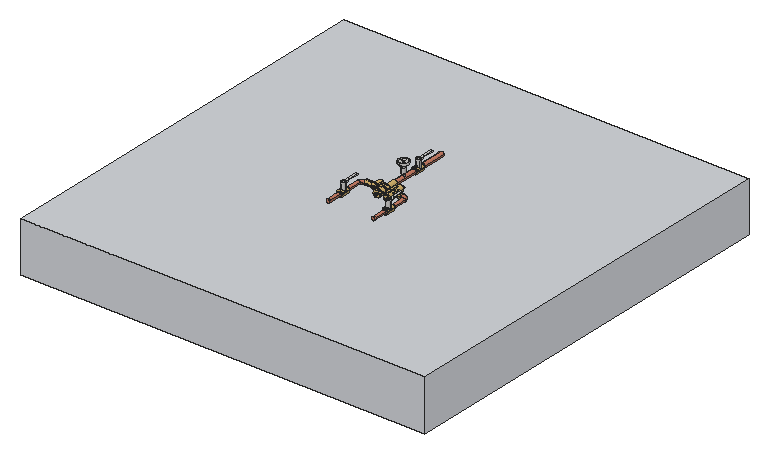
Revit family
Parameters (values of type "SFET-2-B-OT")
  Waste Connection = no
  WFU = 0
  Vent Connection = no
  URL = "http://www.acorneng.com/"
  Type Comments = ""
  Tempered Water Connection = yes
  SFET-2 Brass Valve Body With 3/4” NPT Inlet & 1” NPT Outlet Connections, 43 gpm (163 lpm) = yes
  Phone# = "626-336-4561"
  Model = "SFET-2-B-OT"
  Material = Brass-Acorn Safety-Lead-Free
  Manufacturer = "Acorn Engineering Company"
  HWFU = 0
  HW Connection = yes
  Designed By = "Allied Technical Services"  # constant formula
  Description = "Lead Free Mixing Valve Supply Fixture for Acorn Safety Emergency Drench Equipment"
  Default Elevation = 34"
  Creation Date = "07/13/2015"  # constant formula
  CWFU = 0
  CW Connection = yes
  Assembly Code = "D2020300"
  -SSTL Stainless Steel = no
  -SMC Surface Mounted Cabinet = 0
  -RC Recessed Cabinet = no
  -PRC Prime Coat Finish = no
  -OT Outlet Top = yes
  -ITG Inlet Temperature Gauges, Hot & Cold = no
  -DRV Door Viewport (Must Specify Hinge Location- Left or Right) = no
  -DRS Solid Door (Must Specify Hinge Location- Left or Right) = no
  -B Bottom Supply Inlet = yes
Reference planes (in)
  plane 1 "Center (Front/Back)": y = 0
  plane 2: z = 0
  plane 3 "Center (Left/Right)": x = 0
  plane 4: z = 2
  plane 5: x = 5.38
  plane 6: x = -5.38
  plane 7: y = -9.875
  plane 8: y = 17
  plane 9: z = 5.5071
  plane 10: z = 1.0071
Forms (in)
  Extrusion 1, solid
    sketch origin (0, 0, 0) x (1, 0, 0) y (0, 1, 0)
      loop
        line (-48, 48) -> (-48, -48) -> (48, -48) -> (48, 48) -> (-48, 48)
    from 0 to -12
  Revolve 2, solid, material "Brass-Acorn Safety-Lead-Free" <- "Material"
    sketch origin (0, -2.00911, 2) x (1, 0, 0) y (0, 1, 0)
      loop
        line (0, 5.00911) -> (-0.57785, 5.00911) -> (-0.57785, 2.85612) -> (-0.57785, 2.82521)
        arc (-0.57785, 2.82521) -> (-0.60445, 2.76097) -> (-0.66869, 2.73436) r 0.09084
        line (-0.66869, 2.73436) -> (-0.69989, 2.73436)
        arc (-0.69989, 2.73436) -> (-0.74, 2.71775) -> (-0.75661, 2.67765) r 0.05672
        line (-0.75661, 2.67765) -> (-0.75661, 2.55407)
        arc (-0.75661, 2.55407) -> (-0.76563, 2.5323) -> (-0.7874, 2.52329) r 0.03078
        line (-0.7874, 2.52329) -> (-0.91086, 2.52329)
        arc (-0.91086, 2.52329) -> (-0.97389, 2.49718) -> (-1, 2.43415) r 0.08914
        line (-1, 2.43415) -> (-1, 1.52269)
        arc (-1, 1.52269) -> (-0.991, 1.50095) -> (-0.96927, 1.49195) r 0.03073
        line (-0.96927, 1.49195) -> (-0.85434, 1.49195)
        arc (-0.85434, 1.49195) -> (-0.82215, 1.47862) -> (-0.80882, 1.44644) r 0.04552
        line (-0.80882, 1.44644) -> (-0.80882, 0.24317) -> (-0.11626, 0.24317) -> (-0.11626, -0.59929) -> (0, -0.59929) -> (0, 5.00911)
      axis (0, 5.00911) -> (0, -0.59929)
    angle from 0 to 360
  Revolve 3, solid, material "Brass-Acorn Safety-Lead-Free" <- "Material"
    sketch origin (0, -2.00911, 2) x (1, 0, 0) y (0, 1, 0)
      loop
        line (-4.25, 2.56672) -> (-4.25, 2.38411) -> (-2.41256, 2.38411) -> (-2.41256, 2.00911) -> (2.41256, 2.00911) -> (2.41256, 2.38411) -> (4.25, 2.38411) -> (4.25, 2.56672) -> (-4.25, 2.56672)
      axis (-4.25, 2.00911) -> (4.25, 2.00911)
    angle from 0 to 360
  Extrusion 4, solid, material "Brass-Acorn Safety-Lead-Free" <- "Material"
    sketch origin (0, -2.00911, 2) x (1, 0, 0) y (0, 1, 0)
      loop
        line (-2.12243, 3.47825) -> (-2.12243, 2.00911) -> (-1.46577, 2.00911)
        arc (-1.46577, 2.00911) -> (-1.41118, 1.9865) -> (-1.38857, 1.93191) r 0.0772
        line (-1.38857, 1.93191) -> (-1.38857, 1.55157)
        arc (-1.38857, 1.55157) -> (-1.37114, 1.50949) -> (-1.32907, 1.49207) r 0.0595
        line (-1.32907, 1.49207) -> (1.31175, 1.49207)
        arc (1.31175, 1.49207) -> (1.36607, 1.46957) -> (1.38857, 1.41525) r 0.07682
        line (1.38857, 1.41525) -> (1.38857, 0.65525)
        arc (1.38857, 0.65525) -> (1.4046, 0.61656) -> (1.44329, 0.60054) r 0.05472
        line (1.44329, 0.60054) -> (1.48595, 0.60054)
        arc (1.48595, 0.60054) -> (1.50618, 0.59216) -> (1.51456, 0.57193) r 0.02861
        line (1.51456, 0.57193) -> (1.51456, 0.53996) -> (2.1265, 0.53996) -> (2.1265, 2.00911) -> (2.1265, 3.47825) -> (1.51456, 3.47825) -> (1.51456, 3.44628)
        arc (1.51456, 3.44628) -> (1.50618, 3.42606) -> (1.48595, 3.41768) r 0.02861
        line (1.48595, 3.41768) -> (1.44329, 3.41768)
        arc (1.44329, 3.41768) -> (1.4046, 3.40165) -> (1.38857, 3.36296) r 0.05472
        line (1.38857, 3.36296) -> (1.38857, 2.63752)
        arc (1.38857, 2.63752) -> (1.36771, 2.58716) -> (1.31736, 2.5663) r 0.07121
        line (1.31736, 2.5663) -> (-1.31736, 2.5663)
        arc (-1.31736, 2.5663) -> (-1.36771, 2.58716) -> (-1.38857, 2.63752) r 0.07121
        line (-1.38857, 2.63752) -> (-1.38857, 3.36296)
        arc (-1.38857, 3.36296) -> (-1.4046, 3.40165) -> (-1.44329, 3.41768) r 0.05472
        line (-1.44329, 3.41768) -> (-1.48595, 3.41768)
        arc (-1.48595, 3.41768) -> (-1.50618, 3.42606) -> (-1.51456, 3.44628) r 0.02861
        line (-1.51456, 3.44628) -> (-1.51456, 3.47825) -> (-2.12243, 3.47825)
    from 0.55828 to -0.55792
  Revolve 5, solid, material "Brass-Acorn Safety-Lead-Free" <- "Material"
    sketch origin (-0.3528, -2.00911, 2) x (1, 0, 0) y (0, 1, 0)
      loop
        line (-1.7722, 3.54346) -> (-2.41213, 3.54346) -> (-2.41213, 1.71655)
        arc (-2.41213, 1.71655) -> (-2.33891, 1.53978) -> (-2.16213, 1.46655) r 0.25
        line (-2.16213, 1.46655) -> (-1.7722, 1.46655) -> (-1.7722, 3.54346)
      axis (-1.7722, 3.54346) -> (-1.7722, 1.46655)
    angle from 0 to 360
  Revolve 6, solid, material "Brass-Acorn Safety-Lead-Free" <- "Material"
    sketch origin (0.3528, -2.00911, 2) x (-1, 0, 0) y (0, -1, 0)
      loop
        line (-1.7722, -4.13411) -> (-1.7722, 0.11589) -> (-2.41213, 0.11589) -> (-2.41213, -4.13411) -> (-1.7722, -4.13411)
      axis (-1.7722, -4.13411) -> (-1.7722, 0.11589)
    angle from 0 to 360
  Extrusion 7, void
    sketch origin (0.3528, -2.00911, 2) x (0, 1, 0) y (1, 0, 0)
      loop
        line (2.93684, 2.46387) -> (2.56615, 2.46387) -> (2.56615, 2.2764)
        arc (2.56615, 2.2764) -> (2.57834, 2.24697) -> (2.60776, 2.23479) r 0.04161
        line (2.60776, 2.23479) -> (2.88485, 2.23479)
        arc (2.88485, 2.23479) -> (2.92161, 2.25001) -> (2.93684, 2.28677) r 0.05199
        line (2.93684, 2.28677) -> (2.93684, 2.46387)
      loop
        line (1.08137, 2.46387) -> (1.08137, 2.28677)
        arc (1.08137, 2.28677) -> (1.0966, 2.25001) -> (1.13336, 2.23479) r 0.05199
        line (1.13336, 2.23479) -> (1.41045, 2.23479)
        arc (1.41045, 2.23479) -> (1.43987, 2.24697) -> (1.45206, 2.2764) r 0.04161
        line (1.45206, 2.2764) -> (1.45206, 2.46387) -> (1.08137, 2.46387)
    from -0.66009 to 0.89635
  Extrusion 8, void
    sketch origin (-0.3528, -2.00911, 2) x (0, 1, 0) y (1, 0, 0)
      loop
        line (1.44378, -1.39614) -> (1.92749, -1.39614)
        arc (1.92749, -1.39614) -> (1.9852, -1.37224) -> (2.00911, -1.31453) r 0.08162
        line (2.00911, -1.31453) -> (2.00911, -1.12498)
        arc (2.00911, -1.12498) -> (1.98298, -1.0619) -> (1.9199, -1.03578) r 0.0892
        line (1.9199, -1.03578) -> (1.48966, -1.03578)
        arc (1.48966, -1.03578) -> (1.45721, -1.02234) -> (1.44378, -0.98989) r 0.04588
        line (1.44378, -0.98989) -> (1.44378, -1.39614)
    from 0.61898 to -0.6207
  Extrusion 9, solid, material "Brass-Acorn Safety-Lead-Free" <- "Material"
    sketch origin (-0.3528, -2.00911, 2) x (1, 0, 0) y (0, 0, -1)
      loop
        line (-1.5222, 0.43301) -> (-2.0222, 0.43301) -> (-2.2722, 0) -> (-2.0222, -0.43301) -> (-1.5222, -0.43301) -> (-1.2722, 0) -> (-1.5222, 0.43301)
    from 3.54346 to 3.73472
  Extrusion 10, solid, material "Brass-Acorn Safety-Lead-Free" <- "Material"
    sketch origin (0, -3.13411, 2) x (1, 0, 0) y (0, 0, -1)
      loop
        line (0.85077, 0) -> (0.42538, 0.73679) -> (-0.42538, 0.73679) -> (-0.85077, 0) -> (-0.42538, -0.73679) -> (0.42538, -0.73679) -> (0.85077, 0)
    from 0.82729 to 1.36817
  Extrusion 11, solid, material "Brass-Acorn Safety-Lead-Free" <- "Material"
    sketch origin (0.3528, -2.04346, 2) x (-1, 0, 0) y (0, 0, 1)
      loop
        line (-1.5222, -0.43301) -> (-1.2722, 0) -> (-1.5222, 0.43301) -> (-2.0222, 0.43301) -> (-2.2722, 0) -> (-2.0222, -0.43301) -> (-1.5222, -0.43301)
    from 4.16846 to 4.70108
  Extrusion 12, solid, material "Brass-Acorn Safety-Lead-Free" <- "Material"
    sketch origin (0.3528, -5.85972, 2) x (-1, 0, 0) y (0, 0, 1)
      loop
        line (-1.5222, -0.43301) -> (-1.2722, 0) -> (-1.5222, 0.43301) -> (-2.0222, 0.43301) -> (-2.2722, 0) -> (-2.0222, -0.43301) -> (-1.5222, -0.43301)
    from 3.54346 to 3.73472
  Extrusion 13, solid, material "Brass-Acorn Safety-Lead-Free" <- "Material"
    sketch origin (0, -15.06626, 2) x (1, 0, 0) y (0, 0, -1)
      loop
        line (-0.16555, 0.28675) -> (-0.3311, 0) -> (-0.16555, -0.28675) -> (0.16555, -0.28675) -> (0.3311, 0) -> (0.16555, 0.28675) -> (-0.16555, 0.28675)
    from 12.56626 to 12.75945
  Sweep 14, solid, material "Copper"
    path origin (0, 0, 0) x (1, 0, 0) y (0, 1, 0)
      loop
        line (5.38, -9.875) -> (5.38, -1)
        arc (5.38, -1) -> (5.08711, -0.29289) -> (4.38, 0) r 1
        line (4.38, 0) -> (-4.38, 0)
        arc (-4.38, 0) -> (-5.08711, -0.29289) -> (-5.38, -1) r 1
        line (-5.38, -1) -> (-5.38, -9.875)
    profile origin (0, 0, 0) x (0, -1, 0) y (0, 0, 1)
      loop
        circle (0, 2) r 0.375
  Extrusion 15, solid, material "Stainless Steel"
    sketch origin (0.19644, -24.10834, -1.625) x (0, 1, 0) y (0, 0, 1)
      loop
        line (19.03754, 5.25) -> (19.53754, 5.25) -> (20.30942, 5.60517) -> (22.64727, 5.60517) -> (22.64727, 5.73017) -> (20.29185, 5.73017) -> (19.51997, 5.375) -> (19.03754, 5.375) -> (19.03754, 5.25)
    from -5.82644 to -5.32644
  Extrusion 16, solid, material "Stainless Steel"
    sketch origin (-10.88, -24.10834, -2) x (-1, 0, 0) y (0, -1, 0)
      loop
        circle (-5.5, -18.64691) r 0.5
      loop
        circle (-5.5, -18.64691) r 0.375
    from 4 to 6.125
  Extrusion 17, solid, material "Copper"
    sketch origin (0, 2.5, 0) x (1, 0, 0) y (0, 0, 1)
      loop
        circle (0, 2) r 0.5
      loop
        circle (0, 2) r 0.53125
    from -14.5 to -0.5
  Revolve 18, solid, material "Brass-Acorn Safety-Lead-Free"
    sketch origin (-5.5, -8.64691, 2) x (-1, 0, 0) y (0, -1, 0)
      loop
        line (-4.92673, -17.67084) -> (-4.92673, -17.42084) -> (-5.5, -17.42084) -> (-5.5, -19.94441) -> (-4.9375, -19.94441)
        arc (-4.9375, -19.94441) -> (-4.82281, -19.70673) -> (-4.79392, -19.44441) r 0.78019
        line (-4.79392, -19.44441) -> (-4.73573, -19.44441) -> (-4.73573, -17.67084) -> (-4.92673, -17.67084)
      axis (-5.5, -19.94441) -> (-5.5, -17.42084)
    angle from 0 to 360
  Revolve 19, solid, material "Brass-Acorn Safety-Lead-Free"
    sketch origin (0.12, -24.10834, 2) x (1, 0, 0) y (0, 1, 0)
      loop
        line (-5.05173, 17.67084) -> (-4.79823, 17.67084) -> (-4.79823, 19.44441) -> (-4.91892, 19.44441)
        arc (-4.91892, 19.44441) -> (-4.94781, 19.70673) -> (-5.0625, 19.94441) r 0.78019
        line (-5.0625, 19.94441) -> (-5.5, 19.94441) -> (-5.5, 17.42084) -> (-5.05173, 17.42084) -> (-5.05173, 17.67084)
      axis (-5.5, 19.94441) -> (-5.5, 17.42084)
    angle from 0 to 360
  Revolve 20, solid, material "Brass-Acorn Controls-Satin"
    sketch origin (0, -0.43636, -2.20035) x (0, 1, 0) y (0, 0, 1)
      loop
        line (5.88959, 4.20534) -> (6.13959, 4.20534) -> (6.13959, 7.52769) -> (5.02475, 7.66366) -> (5.02475, 7.70745) -> (4.96225, 7.70745) -> (4.96225, 7.39406) -> (5.12724, 7.39406) -> (5.12724, 7.14406) -> (5.88959, 7.14406) -> (5.88959, 6.30031) -> (5.63959, 6.30031) -> (5.63959, 5.30031) -> (5.88959, 5.30031) -> (5.88959, 4.20534)
      axis (6.13959, 4.20534) -> (6.13959, 7.70745)
    angle from 0 to 360
  Extrusion 21, solid, material "Brass-Acorn Controls-Satin"
    sketch origin (-9.99414, 30.98491, -6.54402) x (-1, 0, 0) y (0, -1, 0)
      loop
        line (-10.37032, 25.66963) -> (-10.44194, 25.56733) -> (-10.08824, 25.35123)
        arc (-10.08824, 25.35123) -> (-10.05256, 25.25651) -> (-9.95159, 25.24943) r 0.09375
        line (-9.95159, 25.24943) -> (-9.38259, 24.90179) -> (-9.90387, 25.31757)
        arc (-9.90387, 25.31757) -> (-9.94506, 25.41004) -> (-10.04628, 25.41117) r 0.09375
        line (-10.04628, 25.41117) -> (-10.37032, 25.66963)
    from 11.9212 to 12
  Extrusion 22, solid, material "Stainless Steel"
    sketch origin (-5.57644, -8.64691, -1.625) x (0, 1, 0) y (0, 0, -1)
      loop
        line (19.03754, -5.25) -> (19.03754, -5.375) -> (19.51997, -5.375) -> (20.29185, -5.73017) -> (22.64727, -5.73017) -> (22.64727, -5.60517) -> (20.30942, -5.60517) -> (19.53754, -5.25) -> (19.03754, -5.25)
    from -5.82644 to -5.32644
  Extrusion 23, solid, material "Stainless Steel"
    sketch origin (-0.19644, -24.10834, -1.625) x (0, 1, 0) y (0, 0, -1)
      loop
        line (19.03754, -5.25) -> (19.03754, -5.375) -> (19.51997, -5.375) -> (20.29185, -5.73017) -> (22.64727, -5.73017) -> (22.64727, -5.60517) -> (20.30942, -5.60517) -> (19.53754, -5.25) -> (19.03754, -5.25)
    from -5.82644 to -5.32644
  Extrusion 24, solid, material "Stainless Steel"
    sketch origin (10.88, -24.10834, -2) x (1, 0, 0) y (0, 1, 0)
      loop
        circle (-5.5, 18.64691) r 0.5
      loop
        circle (-5.5, 18.64691) r 0.375
    from 4 to 6.125
  Extrusion 25, solid, material "Stainless Steel"
    sketch origin (-5.5, -8.64691, -2) x (-1, 0, 0) y (0, -1, 0)
      loop
        circle (-5.5, -18.64691) r 0.5
      loop
        circle (-5.5, -18.64691) r 0.375
    from 4 to 6.125
  Revolve 26, solid, material "Brass-Acorn Safety-Lead-Free"
    sketch origin (-0.12, -24.10834, 2) x (-1, 0, 0) y (0, -1, 0)
      loop
        line (-5.05173, -17.67084) -> (-5.05173, -17.42084) -> (-5.5, -17.42084) -> (-5.5, -19.94441) -> (-5.0625, -19.94441)
        arc (-5.0625, -19.94441) -> (-4.94781, -19.70673) -> (-4.91892, -19.44441) r 0.78019
        line (-4.91892, -19.44441) -> (-4.79823, -19.44441) -> (-4.79823, -17.67084) -> (-5.05173, -17.67084)
      axis (-5.5, -19.94441) -> (-5.5, -17.42084)
    angle from 0 to 360
Cuts and joins
  Extrusion 8 cuts Revolve 5
  Extrusion 8 cuts Revolve 3
  Extrusion 7 cuts Revolve 6
  joined: Extrusion 15, Extrusion 16
  Extrusion 8 cuts Sweep 14
Dimensions and locks (in)
  plane 6 to plane 5 = 10.76"
  plane 7 to plane 1 "Center (Front/Back)" = 9 7/8"
  plane 1 "Center (Front/Back)" to plane 8 = 17"
  plane 4 to Extrusion 1 = 2"
  plane 9 to plane 10 = 4 1/2"
  aligned and locked: plane 2 to Extrusion 1
  aligned and locked: level to Extrusion 1
Connectors (in)
  piping at (-5.38, -9.875, 2)
    settings: on cut or joined group of Extrusion 8, Sweep 14, index 1
  piping at (5.38, -9.875, 2)
    settings: on cut or joined group of Extrusion 8, Sweep 14, index 2
  piping at (0, 17, 2)
    settings: on Extrusion 17, index 3
